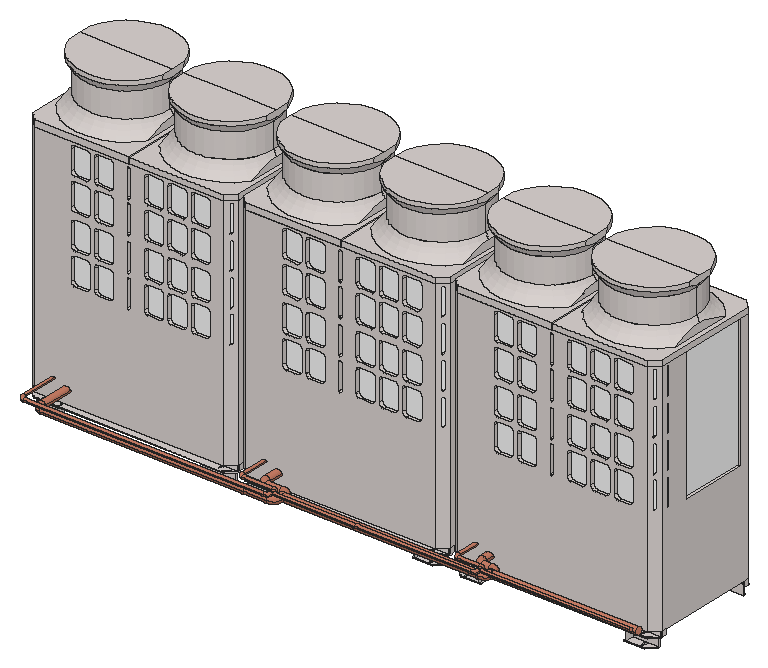
Revit family "PUHY-EP1350YSNW-A", category Mechanical Equipment, Revit 2012
Parameters (values of type "PUHY-EP1350YSNW-A_415V_60Hz")
  Sound Pressure Level (dB(A)) Heating mode = 74.5
  Sound Pressure Level (dB(A)) Cooling mode = 70.5
  Model = "PUHY-EP1350YSNW-A"
  Width = 3780 mm
  WarrantyStart = ""
  Voltage = 415 V
  Unit Weight (kg) = 915
  URL = "http://www.mitsubishielectric.com/"
  Temp. range of heating (Outdoor temp.) (W.B.) = "-20.0 to 15.5"
  Temp. range of heating (Indoor temp.) (D.B.) = "15.0 to 27.0"
  TagNumber = 0
  Subcategory = "HVAC"
  Space View = yes
  SerialNumber = 0
  ReplacementYear = ""
  Refrigerant type = "R410A"
  Refrigerant Charge (kg) = 32.4
  Protection Devices_Inverter circuit (COMP./FAN) = "Over-heat protection, Over-current protection"
  Protection Devices_High pressure (MPa) = "High pressure sensor, High pressure switch at 4.15"
  Phase = 3
  Manufacturer = "Mitsubishi Electric Corporation"
  Outdoor unit 3 = PUHY-EP450YNW-A : PUHY-EP450YNW-A
  Outdoor unit 2 = PUHY-EP450YNW-A : PUHY-EP450YNW-A
  Outdoor unit 1 = PUHY-EP450YNW-A : PUHY-EP450YNW-A
  Note_1 = "Refrigerant pipe diameters may change depending on the installation condition. Please refer to the installation manual."
  Maximum Circuit Ampacity (A) = 101.1
  Liquid pipe_radius = 9.525 mm
  InstallationDate = ""
  Indoor Unit Total Capacity = "50 to 130% of outdoor unit capacity"
  Indoor Unit Model/Quantity = "P15 to P250/3 to 50"
  Hertz = 60 Hz
  Height = 1858 mm
  Heating Power Input (kW) = 40.24
  Heating Current (A) = 62.2
  Heating Capacity (kW) = 168
  Heating COP (kW/kW) = 4.17
  Gas pipe_radius = 20.64 mm
  Fan_Type = "Propeller Fan"
  Fan_Quantity = 6
  Fan Motor Output (kW) = 2.76
  External static pressure (Pa) = 0
  External Finish = "Pre-coated galvanized steel sheets (+powder coating for -BS type) <MUNSELL 5Y 8/1 or similar>"
  Equip_description = ""
  Equip_No. = 0
  Equip_ID = ""
  Description = ""
  Depth = 740 mm
  CreatedOn = ""
  CreatedBy = ""
  Cooling Power Input (kW) = 34.3
  Cooling EER (kW/kW) = 4.37
  Cooling Current (A) = 53
  Cooling Capacity (kW) = 150
  Compressor_Type = "Inverter scroll hermetic compressor"
  Compressor_Quantity = 3
  Compressor_Lubricant = "MEL32"
  Compressor Motor Output (kW) = 37.2
  Category = ""
  Barcode = ""
  AssetIdentifier = ""
  Airflow Rate (m3/min) = 915
  Airflow Rate (m3/h) = 54900
Reference planes
  plane 1 "Center (Front/Back)": y = 0
  plane 2: z = 0
  plane 3 "Center (Left/Right)": x = 0
  plane 4: y = 370
  plane 5 "front": y = -370
  plane 6: x = -1890
  plane 7: x = 1890
  plane 8: x = -620
  plane 9: x = 620
  plane 10: x = -650
  plane 11: x = 650
  plane 12: y = 370
  plane 13: y = -370
  plane 14: z = 1858
  plane 15: x = -1647
  plane 16: x = -1730.603
  plane 17: x = -377
  plane 18: x = -460
  plane 19: x = 893
  plane 20: x = 810
Forms (mm)
  Sweep 1, solid, material "Copper"
    path origin (-51.563, 17.925, 207.255) x (0, -1, 0) y (1, 0, 0)
      loop
        line (380, -1679.039) -> (605, -1679.039)
        arc (605, -1679.039) -> (626.213, -1670.253) -> (635, -1649.039) r 30
        line (635, -1649.039) -> (635, -208.337)
        arc (635, -208.337) -> (629.142, -194.195) -> (615, -188.337) r 20
        line (615, -188.337) -> (590, -188.337)
        arc (590, -188.337) -> (575.858, -194.195) -> (570, -208.337) r 20
        line (570, -208.337) -> (570, -388.437)
        arc (570, -388.437) -> (564.142, -402.579) -> (550, -408.437) r 20
        line (550, -408.437) -> (380, -408.437)
    profile origin (-1730.603, -474.575, 207.255) x (1, 0, 0) y (0, 0, 1)
      loop
        circle (0, 0) r 9.525
  Sweep 2, solid, material "Copper"
    path origin (-48.859, 17.925, 173.255) x (-1, 0, 0) y (0, -1, 0)
      loop
        line (1598.141, 380) -> (1598.141, 575)
        arc (1598.141, 575) -> (1587.889, 599.749) -> (1563.141, 610) r 35
        line (1563.141, 610) -> (342, 610) -> (204.723, 610)
        arc (204.723, 610) -> (179.974, 599.749) -> (169.723, 575) r 35
        line (169.723, 575) -> (169.723, 545)
        arc (169.723, 545) -> (179.974, 520.251) -> (204.723, 510) r 35
        line (204.723, 510) -> (293.141, 510)
        arc (293.141, 510) -> (317.889, 499.749) -> (328.141, 475) r 35
        line (328.141, 475) -> (328.141, 380)
    profile origin (-1647, -459.575, 173.255) x (1, 0, 0) y (0, 0, 1)
      loop
        circle (0, 0) r 20.64
  Sweep 3, solid, material "Copper"
    path origin (214.685, 17.925, 207.255) x (0, -1, 0) y (1, 0, 0)
      loop
        line (605, -448.702) -> (605, 51.298) -> (605, 745.315)
        arc (605, 745.315) -> (599.142, 759.457) -> (585, 765.315) r 20
        line (585, 765.315) -> (560.96, 765.315)
        arc (560.96, 765.315) -> (546.818, 759.457) -> (540.96, 745.315) r 20
        line (540.96, 745.315) -> (540.96, 615.315)
        arc (540.96, 615.315) -> (535.102, 601.172) -> (520.96, 595.315) r 20
        line (520.96, 595.315) -> (380, 595.315)
    profile origin (15.984, -587.075, 207.255) x (0, 1, 0) y (0, 0, 1)
      loop
        circle (0, 0) r 9.525
  Sweep 4, solid, material "Copper"
    path origin (188.125, 17.925, 173.255) x (-1, 0, 0) y (0, -1, 0)
      loop
        line (395.125, 555.96) -> (-784.875, 555.96)
        arc (-784.875, 555.96) -> (-809.623, 545.709) -> (-819.875, 520.96) r 35
        line (-819.875, 520.96) -> (-819.875, 510)
        arc (-819.875, 510) -> (-809.623, 485.251) -> (-784.875, 475) r 35
        line (-784.875, 475) -> (-739.875, 475)
        arc (-739.875, 475) -> (-715.126, 464.749) -> (-704.875, 440) r 35
        line (-704.875, 440) -> (-704.875, 380)
    profile origin (383, -538.035, 173.255) x (0, 1, 0) y (0, 0, 1)
      loop
        circle (0, 0) r 20.64
  Sweep 5, solid, material "Copper"
    path origin (114.685, 17.925, 207.255) x (0, -1, 0) y (1, 0, 0)
      loop
        line (572.806, 870.315) -> (572.806, 1775.315)
    profile origin (1437.5, -554.881, 207.255) x (0, 1, 0) y (0, 0, 1)
      loop
        circle (0, 0) r 9.525
  Sweep 6, solid, material "Copper"
    path origin (88.125, 17.925, 173.255) x (-1, 0, 0) y (0, -1, 0)
      loop
        line (-921.875, 515.995) -> (-1801.875, 515.995)
    profile origin (1450, -498.07, 173.255) x (0, 1, 0) y (0, 0, 1)
      loop
        circle (0, 0) r 20.64
Dimensions and locks
  nested 2 to nested 1 = 30 mm
  nested 1 to nested 1 = 1240 mm
  nested 2 to nested 2 = 1240 mm
  plane 6 to plane 3 "Center (Left/Right)" to plane 7 = 1890 mm, 1890 mm
  "Liquid pipe_radius": radius of Sweep 5 sketch curve
  "Gas pipe_radius": radius of Sweep 6 sketch curve
  aligned and locked: level to plane 2
Automatic sketch dimensions
  Sweep 1 sketch curve to plane 5 "front" = 7.925 mm  (x2)
  plane 5 "front" to Sweep 1 sketch curve = 162.075 mm
  Sweep 1 sketch curve to plane 3 "Center (Left/Right)" = 259.9 mm
  Sweep 1 sketch curve to Sweep 1 sketch curve = 20 mm
  Sweep 1 sketch curve to plane 3 "Center (Left/Right)" = 239.9 mm
  plane 5 "front" to Sweep 1 sketch curve = 217.075 mm
  Sweep 1 sketch curve to Sweep 1 sketch curve = 25 mm
  Sweep 1 sketch curve to Sweep 1 sketch curve = 30 mm
  Sweep 1 sketch curve to plane 3 "Center (Left/Right)" = 440 mm
  profile plane to Sweep 1 sketch curve = 0 mm
  Sweep 1 sketch curve to profile plane = 0 mm
  Sweep 2 sketch curve to plane 3 "Center (Left/Right)" = 218.582 mm
  Sweep 2 sketch curve to plane 3 "Center (Left/Right)" = 253.582 mm  (x2)
  Sweep 2 sketch curve to plane 3 "Center (Left/Right)" = 342 mm
  Sweep 2 sketch curve to plane 3 "Center (Left/Right)" = 390.859 mm
  Sweep 2 sketch curve to Sweep 2 sketch curve = 35 mm  (x2)
  plane 5 "front" to Sweep 2 sketch curve = 222.075 mm
  Sweep 2 sketch curve to Sweep 2 sketch curve = 30 mm
  Sweep 2 sketch curve to plane 5 "front" = 7.925 mm  (x2)
  profile plane to Sweep 2 sketch curve = 0 mm
  Sweep 2 sketch curve to profile plane = 0 mm
  Sweep 3 sketch curve to profile plane = 0 mm  (x2)
  Sweep 4 sketch curve to profile plane = 0 mm  (x2)
  Sweep 5 sketch curve to profile plane = 0 mm  (x2)
  Sweep 6 sketch curve to profile plane = 0 mm  (x2)
  Sweep 1 sketch curve to Sweep 1 sketch curve = 1240.603 mm
  Sweep 2 sketch curve to Sweep 2 sketch curve = 1235 mm
  Sweep 3 sketch curve to plane 20 = 0 mm
  Sweep 3 sketch curve to plane 5 "front" = 7.925 mm
  plane 20 to Sweep 3 sketch curve = 20 mm
  plane 5 "front" to Sweep 3 sketch curve = 133.035 mm
  Sweep 3 sketch curve to Sweep 3 sketch curve = 20 mm
  Sweep 3 sketch curve to Sweep 3 sketch curve = 24.04 mm
  plane 5 "front" to Sweep 3 sketch curve = 217.075 mm
  plane 3 "Center (Left/Right)" to Sweep 3 sketch curve = 265.984 mm
  plane 17 to Sweep 3 sketch curve = 142.984 mm
  plane 19 to Sweep 3 sketch curve = 67 mm
  Sweep 4 sketch curve to plane 19 = 0 mm
  plane 19 to Sweep 4 sketch curve = 35 mm
  Sweep 4 sketch curve to Sweep 4 sketch curve = 45 mm
  Sweep 4 sketch curve to Sweep 4 sketch curve = 0 mm
  Sweep 4 sketch curve to Sweep 4 sketch curve = 35 mm
  plane 17 to Sweep 4 sketch curve = 170 mm
  Sweep 4 sketch curve to plane 5 "front" = 7.925 mm
  plane 5 "front" to Sweep 4 sketch curve = 52.075 mm
  Sweep 4 sketch curve to Sweep 4 sketch curve = 10.96 mm
  Sweep 6 sketch curve to plane 7 = 0 mm
  plane 19 to Sweep 6 sketch curve = 117 mm
  plane 5 "front" to Sweep 6 sketch curve = 128.07 mm
  Sweep 5 sketch curve to plane 7 = 0 mm
  plane 5 "front" to Sweep 5 sketch curve = 184.881 mm
  plane 19 to Sweep 5 sketch curve = 92 mm
  radius of Sweep 1 sketch curve = 9.525 mm
  radius of Sweep 2 sketch curve = 20.64 mm
  radius of Sweep 3 sketch curve = 9.525 mm
  radius of Sweep 4 sketch curve = 20.64 mm
Nested families
  nested 1: "PUHY-EP450YNW-A" at (0, 0, 0), type <- "Outdoor unit 2", type "PUHY-EP450YNW-A"
  nested 2: "PUHY-EP450YNW-A" at (-1270, 0, 0), type <- "Outdoor unit 1", type "PUHY-EP450YNW-A"
  nested 3: "PUHY-EP450YNW-A" at (1270, 0, 0), type <- "Outdoor unit 3", type "PUHY-EP450YNW-A"
Connectors
  piping at (1890, -498.07, 173.255), driven by "Gas pipe_radius"
    settings: on Sweep 6, index 1, connector radius 20.64 mm, flow factor 0, pipe flow 0.0 L/s, pressure drop 0.0 Pa, fitting loss kfactor 0, connector angle 0.00°, fixture units 0, engagement length 0 mm, flow configuration 0, flow direction 0, fitting loss method 0, system type 22, joint type 0, gender type 0, connector reference index -1, connector utility 0, adjustable connector no, is connector primary yes, fitting loss table "", connector description "Indoor unit-Twinning pipe(Gas)"
  piping at (1890, -554.881, 207.255), driven by "Liquid pipe_radius"
    settings: on Sweep 5, index 2, connector radius 9.525 mm, flow factor 0, pipe flow 0.0 L/s, pressure drop 0.0 Pa, fitting loss kfactor 0, connector angle 0.00°, fixture units 0, engagement length 0 mm, flow configuration 0, flow direction 0, fitting loss method 0, system type 22, joint type 0, gender type 0, connector reference index -1, connector utility 0, adjustable connector no, is connector primary no, fitting loss table "", connector description "Indoor unit-Twinning pipe(Liquid)"
  electrical at (992, -370, 279), driven by "Phase", driven by "Voltage"
    settings: index 3, voltage 415 V, apparent load 0 VA, apparent load phase1 0 VA, apparent load phase2 0 VA, apparent load phase3 0 VA, power factor 1, load classification "その他", number of poles 3, system type 30, power factor state 1, is connector primary yes, connector utility no, sub classification motor no, connector description ""
  electrical at (-258, -370, 279), driven by "Phase", driven by "Voltage"
    settings: index 4, voltage 415 V, apparent load 0 VA, apparent load phase1 0 VA, apparent load phase2 0 VA, apparent load phase3 0 VA, power factor 1, load classification "その他", number of poles 3, system type 30, power factor state 1, is connector primary no, connector utility no, sub classification motor no, connector description ""
  electrical at (-1508, -370, 279), driven by "Phase", driven by "Voltage"
    settings: index 5, voltage 415 V, apparent load 0 VA, apparent load phase1 0 VA, apparent load phase2 0 VA, apparent load phase3 0 VA, power factor 1, load classification "その他", number of poles 3, system type 30, power factor state 1, is connector primary no, connector utility no, sub classification motor no, connector description ""
Definition of nested family "PUHY-EP450YNW-A"
  Parameters (values of type "PUHY-P450YNW-A")
    Model = "PUHY-P400YNW-A"
    URL = "http://www.mitsubishielectric.com/"
    Manufacturer = "Mitsubishi Electric Corporation"
    Liquid pipe_radius = 12.7 mm
    Gas pipe_radius = 14.29 mm
  Reference planes
    plane 1 "Center (Front/Back)": y = 0
    plane 2: z = 0
    plane 3 "Center (Left/Right)": x = 0
    plane 4: y = 370
    plane 5: z = 1858
    plane 6: y = -260
    plane 7: y = -204
    plane 8: y = -185
    plane 9: x = -620
    plane 10: x = 620
    plane 11: x = -620
    plane 12: z = 716
    plane 13: x = -524
    plane 14: z = 669
    plane 15: x = -50.5
    plane 16: x = 51
    plane 17: x = 489
    plane 18: x = 467
    plane 19 "132": x = 488
    plane 20 "100": z = 160
    plane 21: z = 185
    plane 22: x = 413
    plane 23: x = 364
    plane 24: z = 150
    plane 25: x = -287.25
    plane 26: x = -137.25
    plane 27: x = -272.25
    plane 28: y = -278
    plane 29: z = 1509
    plane 30: y = -370
    plane 31: x = -530
    plane 32: x = 530
    plane 33 "179": y = -191
  Forms (mm)
    Extrusion 1, solid, material "Paint_5Y 8/1"
      sketch origin (-1, 0, 113) x (-1, 0, 0) y (0, -1, 0)
        loop
          line (569, -370) -> (619, -320) -> (619, 320) -> (569, 370) -> (-571, 370) -> (-621, 320) -> (-621, -320) -> (-571, -370) -> (569, -370)
      from -18 to 1408
    Extrusion 2, void
      sketch origin (524, -370, 113) x (1, 0, 0) y (0, 0, -1)
        loop
          arc (-60.8, -1393.5) -> (-42.557, -1385.943) -> (-35, -1367.7) r 25.8
          line (-35, -1367.7) -> (-35, -1248.5)
          arc (-35, -1248.5) -> (-42.557, -1230.257) -> (-60.8, -1222.7) r 25.8
          line (-60.8, -1222.7) -> (-126, -1222.7)
          arc (-126, -1222.7) -> (-144.243, -1230.257) -> (-151.8, -1248.5) r 25.8
          line (-151.8, -1248.5) -> (-151.8, -1367.7)
          arc (-151.8, -1367.7) -> (-144.243, -1385.943) -> (-126, -1393.5) r 25.8
          line (-126, -1393.5) -> (-60.8, -1393.5)
      from 0 to 20
    Extrusion 3, void
      sketch origin (524, -370, -81) x (1, 0, 0) y (0, 0, -1)
        loop
          arc (-60.8, -1393.5) -> (-42.557, -1385.943) -> (-35, -1367.7) r 25.8
          line (-35, -1367.7) -> (-35, -1248.5)
          arc (-35, -1248.5) -> (-42.557, -1230.257) -> (-60.8, -1222.7) r 25.8
          line (-60.8, -1222.7) -> (-126, -1222.7)
          arc (-126, -1222.7) -> (-144.243, -1230.257) -> (-151.8, -1248.5) r 25.8
          line (-151.8, -1248.5) -> (-151.8, -1367.7)
          arc (-151.8, -1367.7) -> (-144.243, -1385.943) -> (-126, -1393.5) r 25.8
          line (-126, -1393.5) -> (-60.8, -1393.5)
      from 0 to 20
    Extrusion 4, void
      sketch origin (524, -370, -287) x (1, 0, 0) y (0, 0, -1)
        loop
          arc (-60.8, -1393.5) -> (-42.557, -1385.943) -> (-35, -1367.7) r 25.8
          line (-35, -1367.7) -> (-35, -1248.5)
          arc (-35, -1248.5) -> (-42.557, -1230.257) -> (-60.8, -1222.7) r 25.8
          line (-60.8, -1222.7) -> (-126, -1222.7)
          arc (-126, -1222.7) -> (-144.243, -1230.257) -> (-151.8, -1248.5) r 25.8
          line (-151.8, -1248.5) -> (-151.8, -1367.7)
          arc (-151.8, -1367.7) -> (-144.243, -1385.943) -> (-126, -1393.5) r 25.8
          line (-126, -1393.5) -> (-60.8, -1393.5)
      from 0 to 20
    Extrusion 5, void
      sketch origin (524, -370, -481) x (1, 0, 0) y (0, 0, -1)
        loop
          arc (-60.8, -1393.5) -> (-42.557, -1385.943) -> (-35, -1367.7) r 25.8
          line (-35, -1367.7) -> (-35, -1248.5)
          arc (-35, -1248.5) -> (-42.557, -1230.257) -> (-60.8, -1222.7) r 25.8
          line (-60.8, -1222.7) -> (-126, -1222.7)
          arc (-126, -1222.7) -> (-144.243, -1230.257) -> (-151.8, -1248.5) r 25.8
          line (-151.8, -1248.5) -> (-151.8, -1367.7)
          arc (-151.8, -1367.7) -> (-144.243, -1385.943) -> (-126, -1393.5) r 25.8
          line (-126, -1393.5) -> (-60.8, -1393.5)
      from 0 to 20
    Extrusion 6, void
      sketch origin (384, -370, 113) x (1, 0, 0) y (0, 0, -1)
        loop
          arc (-60.8, -1393.5) -> (-42.557, -1385.943) -> (-35, -1367.7) r 25.8
          line (-35, -1367.7) -> (-35, -1248.5)
          arc (-35, -1248.5) -> (-42.557, -1230.257) -> (-60.8, -1222.7) r 25.8
          line (-60.8, -1222.7) -> (-126, -1222.7)
          arc (-126, -1222.7) -> (-144.243, -1230.257) -> (-151.8, -1248.5) r 25.8
          line (-151.8, -1248.5) -> (-151.8, -1367.7)
          arc (-151.8, -1367.7) -> (-144.243, -1385.943) -> (-126, -1393.5) r 25.8
          line (-126, -1393.5) -> (-60.8, -1393.5)
      from 0 to 20
    Extrusion 7, void
      sketch origin (384, -370, -81) x (1, 0, 0) y (0, 0, -1)
        loop
          arc (-60.8, -1393.5) -> (-42.557, -1385.943) -> (-35, -1367.7) r 25.8
          line (-35, -1367.7) -> (-35, -1248.5)
          arc (-35, -1248.5) -> (-42.557, -1230.257) -> (-60.8, -1222.7) r 25.8
          line (-60.8, -1222.7) -> (-126, -1222.7)
          arc (-126, -1222.7) -> (-144.243, -1230.257) -> (-151.8, -1248.5) r 25.8
          line (-151.8, -1248.5) -> (-151.8, -1367.7)
          arc (-151.8, -1367.7) -> (-144.243, -1385.943) -> (-126, -1393.5) r 25.8
          line (-126, -1393.5) -> (-60.8, -1393.5)
      from 0 to 20
    Extrusion 8, void
      sketch origin (384, -370, -287) x (1, 0, 0) y (0, 0, -1)
        loop
          arc (-60.8, -1393.5) -> (-42.557, -1385.943) -> (-35, -1367.7) r 25.8
          line (-35, -1367.7) -> (-35, -1248.5)
          arc (-35, -1248.5) -> (-42.557, -1230.257) -> (-60.8, -1222.7) r 25.8
          line (-60.8, -1222.7) -> (-126, -1222.7)
          arc (-126, -1222.7) -> (-144.243, -1230.257) -> (-151.8, -1248.5) r 25.8
          line (-151.8, -1248.5) -> (-151.8, -1367.7)
          arc (-151.8, -1367.7) -> (-144.243, -1385.943) -> (-126, -1393.5) r 25.8
          line (-126, -1393.5) -> (-60.8, -1393.5)
      from 0 to 20
    Extrusion 9, void
      sketch origin (384, -370, -481) x (1, 0, 0) y (0, 0, -1)
        loop
          arc (-60.8, -1393.5) -> (-42.557, -1385.943) -> (-35, -1367.7) r 25.8
          line (-35, -1367.7) -> (-35, -1248.5)
          arc (-35, -1248.5) -> (-42.557, -1230.257) -> (-60.8, -1222.7) r 25.8
          line (-60.8, -1222.7) -> (-126, -1222.7)
          arc (-126, -1222.7) -> (-144.243, -1230.257) -> (-151.8, -1248.5) r 25.8
          line (-151.8, -1248.5) -> (-151.8, -1367.7)
          arc (-151.8, -1367.7) -> (-144.243, -1385.943) -> (-126, -1393.5) r 25.8
          line (-126, -1393.5) -> (-60.8, -1393.5)
      from 0 to 20
    Extrusion 10, void
      sketch origin (244, -370, 113) x (1, 0, 0) y (0, 0, -1)
        loop
          arc (-60.8, -1393.5) -> (-42.557, -1385.943) -> (-35, -1367.7) r 25.8
          line (-35, -1367.7) -> (-35, -1248.5)
          arc (-35, -1248.5) -> (-42.557, -1230.257) -> (-60.8, -1222.7) r 25.8
          line (-60.8, -1222.7) -> (-126, -1222.7)
          arc (-126, -1222.7) -> (-144.243, -1230.257) -> (-151.8, -1248.5) r 25.8
          line (-151.8, -1248.5) -> (-151.8, -1367.7)
          arc (-151.8, -1367.7) -> (-144.243, -1385.943) -> (-126, -1393.5) r 25.8
          line (-126, -1393.5) -> (-60.8, -1393.5)
      from 0 to 20
    Extrusion 11, void
      sketch origin (244, -370, -81) x (1, 0, 0) y (0, 0, -1)
        loop
          arc (-60.8, -1393.5) -> (-42.557, -1385.943) -> (-35, -1367.7) r 25.8
          line (-35, -1367.7) -> (-35, -1248.5)
          arc (-35, -1248.5) -> (-42.557, -1230.257) -> (-60.8, -1222.7) r 25.8
          line (-60.8, -1222.7) -> (-126, -1222.7)
          arc (-126, -1222.7) -> (-144.243, -1230.257) -> (-151.8, -1248.5) r 25.8
          line (-151.8, -1248.5) -> (-151.8, -1367.7)
          arc (-151.8, -1367.7) -> (-144.243, -1385.943) -> (-126, -1393.5) r 25.8
          line (-126, -1393.5) -> (-60.8, -1393.5)
      from 0 to 20
    Extrusion 12, void
      sketch origin (244, -370, -287) x (1, 0, 0) y (0, 0, -1)
        loop
          arc (-60.8, -1393.5) -> (-42.557, -1385.943) -> (-35, -1367.7) r 25.8
          line (-35, -1367.7) -> (-35, -1248.5)
          arc (-35, -1248.5) -> (-42.557, -1230.257) -> (-60.8, -1222.7) r 25.8
          line (-60.8, -1222.7) -> (-126, -1222.7)
          arc (-126, -1222.7) -> (-144.243, -1230.257) -> (-151.8, -1248.5) r 25.8
          line (-151.8, -1248.5) -> (-151.8, -1367.7)
          arc (-151.8, -1367.7) -> (-144.243, -1385.943) -> (-126, -1393.5) r 25.8
          line (-126, -1393.5) -> (-60.8, -1393.5)
      from 0 to 20
    Extrusion 13, void
      sketch origin (244, -370, -481) x (1, 0, 0) y (0, 0, -1)
        loop
          arc (-60.8, -1393.5) -> (-42.557, -1385.943) -> (-35, -1367.7) r 25.8
          line (-35, -1367.7) -> (-35, -1248.5)
          arc (-35, -1248.5) -> (-42.557, -1230.257) -> (-60.8, -1222.7) r 25.8
          line (-60.8, -1222.7) -> (-126, -1222.7)
          arc (-126, -1222.7) -> (-144.243, -1230.257) -> (-151.8, -1248.5) r 25.8
          line (-151.8, -1248.5) -> (-151.8, -1367.7)
          arc (-151.8, -1367.7) -> (-144.243, -1385.943) -> (-126, -1393.5) r 25.8
          line (-126, -1393.5) -> (-60.8, -1393.5)
      from 0 to 20
    Extrusion 14, void
      sketch origin (-56, -370, 113) x (1, 0, 0) y (0, 0, -1)
        loop
          arc (-60.8, -1393.5) -> (-42.557, -1385.943) -> (-35, -1367.7) r 25.8
          line (-35, -1367.7) -> (-35, -1248.5)
          arc (-35, -1248.5) -> (-42.557, -1230.257) -> (-60.8, -1222.7) r 25.8
          line (-60.8, -1222.7) -> (-126, -1222.7)
          arc (-126, -1222.7) -> (-144.243, -1230.257) -> (-151.8, -1248.5) r 25.8
          line (-151.8, -1248.5) -> (-151.8, -1367.7)
          arc (-151.8, -1367.7) -> (-144.243, -1385.943) -> (-126, -1393.5) r 25.8
          line (-126, -1393.5) -> (-60.8, -1393.5)
      from 0 to 20
    Extrusion 15, void
      sketch origin (-56, -370, -81) x (1, 0, 0) y (0, 0, -1)
        loop
          arc (-60.8, -1393.5) -> (-42.557, -1385.943) -> (-35, -1367.7) r 25.8
          line (-35, -1367.7) -> (-35, -1248.5)
          arc (-35, -1248.5) -> (-42.557, -1230.257) -> (-60.8, -1222.7) r 25.8
          line (-60.8, -1222.7) -> (-126, -1222.7)
          arc (-126, -1222.7) -> (-144.243, -1230.257) -> (-151.8, -1248.5) r 25.8
          line (-151.8, -1248.5) -> (-151.8, -1367.7)
          arc (-151.8, -1367.7) -> (-144.243, -1385.943) -> (-126, -1393.5) r 25.8
          line (-126, -1393.5) -> (-60.8, -1393.5)
      from 0 to 20
    Extrusion 16, void
      sketch origin (-56, -370, -287) x (1, 0, 0) y (0, 0, -1)
        loop
          arc (-60.8, -1393.5) -> (-42.557, -1385.943) -> (-35, -1367.7) r 25.8
          line (-35, -1367.7) -> (-35, -1248.5)
          arc (-35, -1248.5) -> (-42.557, -1230.257) -> (-60.8, -1222.7) r 25.8
          line (-60.8, -1222.7) -> (-126, -1222.7)
          arc (-126, -1222.7) -> (-144.243, -1230.257) -> (-151.8, -1248.5) r 25.8
          line (-151.8, -1248.5) -> (-151.8, -1367.7)
          arc (-151.8, -1367.7) -> (-144.243, -1385.943) -> (-126, -1393.5) r 25.8
          line (-126, -1393.5) -> (-60.8, -1393.5)
      from 0 to 20
    Extrusion 17, void
      sketch origin (-56, -370, -481) x (1, 0, 0) y (0, 0, -1)
        loop
          arc (-60.8, -1393.5) -> (-42.557, -1385.943) -> (-35, -1367.7) r 25.8
          line (-35, -1367.7) -> (-35, -1248.5)
          arc (-35, -1248.5) -> (-42.557, -1230.257) -> (-60.8, -1222.7) r 25.8
          line (-60.8, -1222.7) -> (-126, -1222.7)
          arc (-126, -1222.7) -> (-144.243, -1230.257) -> (-151.8, -1248.5) r 25.8
          line (-151.8, -1248.5) -> (-151.8, -1367.7)
          arc (-151.8, -1367.7) -> (-144.243, -1385.943) -> (-126, -1393.5) r 25.8
          line (-126, -1393.5) -> (-60.8, -1393.5)
      from 0 to 20
    Extrusion 18, void
      sketch origin (-196, -370, 113) x (1, 0, 0) y (0, 0, -1)
        loop
          arc (-60.8, -1393.5) -> (-42.557, -1385.943) -> (-35, -1367.7) r 25.8
          line (-35, -1367.7) -> (-35, -1248.5)
          arc (-35, -1248.5) -> (-42.557, -1230.257) -> (-60.8, -1222.7) r 25.8
          line (-60.8, -1222.7) -> (-126, -1222.7)
          arc (-126, -1222.7) -> (-144.243, -1230.257) -> (-151.8, -1248.5) r 25.8
          line (-151.8, -1248.5) -> (-151.8, -1367.7)
          arc (-151.8, -1367.7) -> (-144.243, -1385.943) -> (-126, -1393.5) r 25.8
          line (-126, -1393.5) -> (-60.8, -1393.5)
      from 0 to 20
    Extrusion 19, void
      sketch origin (-196, -370, -81) x (1, 0, 0) y (0, 0, -1)
        loop
          arc (-60.8, -1393.5) -> (-42.557, -1385.943) -> (-35, -1367.7) r 25.8
          line (-35, -1367.7) -> (-35, -1248.5)
          arc (-35, -1248.5) -> (-42.557, -1230.257) -> (-60.8, -1222.7) r 25.8
          line (-60.8, -1222.7) -> (-126, -1222.7)
          arc (-126, -1222.7) -> (-144.243, -1230.257) -> (-151.8, -1248.5) r 25.8
          line (-151.8, -1248.5) -> (-151.8, -1367.7)
          arc (-151.8, -1367.7) -> (-144.243, -1385.943) -> (-126, -1393.5) r 25.8
          line (-126, -1393.5) -> (-60.8, -1393.5)
      from 0 to 20
    Extrusion 20, void
      sketch origin (-196, -370, -287) x (1, 0, 0) y (0, 0, -1)
        loop
          arc (-60.8, -1393.5) -> (-42.557, -1385.943) -> (-35, -1367.7) r 25.8
          line (-35, -1367.7) -> (-35, -1248.5)
          arc (-35, -1248.5) -> (-42.557, -1230.257) -> (-60.8, -1222.7) r 25.8
          line (-60.8, -1222.7) -> (-126, -1222.7)
          arc (-126, -1222.7) -> (-144.243, -1230.257) -> (-151.8, -1248.5) r 25.8
          line (-151.8, -1248.5) -> (-151.8, -1367.7)
          arc (-151.8, -1367.7) -> (-144.243, -1385.943) -> (-126, -1393.5) r 25.8
          line (-126, -1393.5) -> (-60.8, -1393.5)
      from 0 to 20
    Extrusion 21, void
      sketch origin (-196, -370, -481) x (1, 0, 0) y (0, 0, -1)
        loop
          arc (-60.8, -1393.5) -> (-42.557, -1385.943) -> (-35, -1367.7) r 25.8
          line (-35, -1367.7) -> (-35, -1248.5)
          arc (-35, -1248.5) -> (-42.557, -1230.257) -> (-60.8, -1222.7) r 25.8
          line (-60.8, -1222.7) -> (-126, -1222.7)
          arc (-126, -1222.7) -> (-144.243, -1230.257) -> (-151.8, -1248.5) r 25.8
          line (-151.8, -1248.5) -> (-151.8, -1367.7)
          arc (-151.8, -1367.7) -> (-144.243, -1385.943) -> (-126, -1393.5) r 25.8
          line (-126, -1393.5) -> (-60.8, -1393.5)
      from 0 to 20
    Extrusion 22, void
      sketch origin (620, 320, 113) x (0, 1, 0) y (0, 0, -1)
        loop
          line (-462.3, -1408) -> (-50.8, -1408) -> (-50.8, -612) -> (-462.3, -612) -> (-462.3, -1408)
      from 0 to 20
    Extrusion 23, void
      sketch origin (-620, -320, 113) x (0, -1, 0) y (0, 0, -1)
        loop
          line (-535.7, -1408) -> (-207.7, -1408) -> (-207.7, -592) -> (-535.7, -592) -> (-535.7, -1408)
      from 0 to 20
    Extrusion 24, void
      sketch origin (194.892, 370, 113) x (-1, 0, 0) y (0, 0, -1)
        loop
          arc (204.892, -1225.013) -> (194.892, -1215.013) -> (184.892, -1225.013) r 10
          line (184.892, -1225.013) -> (184.892, -1379.987)
          arc (184.892, -1379.987) -> (194.892, -1389.987) -> (204.892, -1379.987) r 10
          line (204.892, -1379.987) -> (204.892, -1225.013)
        loop
          arc (204.892, -1031.013) -> (194.892, -1021.013) -> (184.892, -1031.013) r 10
          line (184.892, -1031.013) -> (184.892, -1185.987)
          arc (184.892, -1185.987) -> (194.892, -1195.987) -> (204.892, -1185.987) r 10
          line (204.892, -1185.987) -> (204.892, -1031.013)
        loop
          arc (204.892, -825.013) -> (194.892, -815.013) -> (184.892, -825.013) r 10
          line (184.892, -825.013) -> (184.892, -979.987)
          arc (184.892, -979.987) -> (194.892, -989.987) -> (204.892, -979.987) r 10
          line (204.892, -979.987) -> (204.892, -825.013)
        loop
          arc (204.892, -631.013) -> (194.892, -621.013) -> (184.892, -631.013) r 10
          line (184.892, -631.013) -> (184.892, -785.987)
          arc (184.892, -785.987) -> (194.892, -795.987) -> (204.892, -785.987) r 10
          line (204.892, -785.987) -> (204.892, -631.013)
      from 0 to 20
    Extrusion 25, void
      sketch origin (-570, 370, 113) x (0.707107, 0.707107, 0) y (0, 0, 1)
        loop
          arc (-45.355, 1236) -> (-35.355, 1226) -> (-25.355, 1236) r 10
          line (-25.355, 1236) -> (-25.355, 1386)
          arc (-25.355, 1386) -> (-35.355, 1396) -> (-45.355, 1386) r 10
          line (-45.355, 1386) -> (-45.355, 1236)
        loop
          arc (-45.355, 1036) -> (-35.355, 1026) -> (-25.355, 1036) r 10
          line (-25.355, 1036) -> (-25.355, 1186)
          arc (-25.355, 1186) -> (-35.355, 1196) -> (-45.355, 1186) r 10
          line (-45.355, 1186) -> (-45.355, 1036)
        loop
          arc (-45.355, 836) -> (-35.355, 826) -> (-25.355, 836) r 10
          line (-25.355, 836) -> (-25.355, 986)
          arc (-25.355, 986) -> (-35.355, 996) -> (-45.355, 986) r 10
          line (-45.355, 986) -> (-45.355, 836)
        loop
          arc (-45.355, 641) -> (-35.355, 631) -> (-25.355, 641) r 10
          line (-25.355, 641) -> (-25.355, 791)
          arc (-25.355, 791) -> (-35.355, 801) -> (-45.355, 791) r 10
          line (-45.355, 791) -> (-45.355, 641)
      from 0 to 20
    Extrusion 26, void
      sketch origin (-620, -320, 113) x (0, -1, 0) y (0, 0, -1)
        loop
          line (-607.846, -1035.895) -> (-607.846, -1186.105)
          arc (-607.846, -1186.105) -> (-597.846, -1196.105) -> (-587.846, -1186.105) r 10
          line (-587.846, -1186.105) -> (-587.846, -1035.895)
          arc (-587.846, -1035.895) -> (-597.846, -1025.895) -> (-607.846, -1035.895) r 10
        loop
          line (-607.846, -835.895) -> (-607.846, -986.105)
          arc (-607.846, -986.105) -> (-597.846, -996.105) -> (-587.846, -986.105) r 10
          line (-587.846, -986.105) -> (-587.846, -835.895)
          arc (-587.846, -835.895) -> (-597.846, -825.895) -> (-607.846, -835.895) r 10
        loop
          line (-607.846, -1235.895) -> (-607.846, -1386.105)
          arc (-607.846, -1386.105) -> (-597.846, -1396.105) -> (-587.846, -1386.105) r 10
          line (-587.846, -1386.105) -> (-587.846, -1235.895)
          arc (-587.846, -1235.895) -> (-597.846, -1225.895) -> (-607.846, -1235.895) r 10
        loop
          line (-607.846, -635.895) -> (-607.846, -786.105)
          arc (-607.846, -786.105) -> (-597.846, -796.105) -> (-587.846, -786.105) r 10
          line (-587.846, -786.105) -> (-587.846, -635.895)
          arc (-587.846, -635.895) -> (-597.846, -625.895) -> (-607.846, -635.895) r 10
      from 0 to 20
    Extrusion 27, void
      sketch origin (1079, -370, 113) x (1, 0, 0) y (0, 0, -1)
        loop
          arc (-1089, -1379.975) -> (-1079, -1389.975) -> (-1069, -1379.975) r 10
          line (-1069, -1379.975) -> (-1069, -1225)
          arc (-1069, -1225) -> (-1079, -1215) -> (-1089, -1225) r 10
          line (-1089, -1225) -> (-1089, -1379.975)
        loop
          arc (-1089, -1185.975) -> (-1079, -1195.975) -> (-1069, -1185.975) r 10
          line (-1069, -1185.975) -> (-1069, -1031)
          arc (-1069, -1031) -> (-1079, -1021) -> (-1089, -1031) r 10
          line (-1089, -1031) -> (-1089, -1185.975)
        loop
          arc (-1089, -979.975) -> (-1079, -989.975) -> (-1069, -979.975) r 10
          line (-1069, -979.975) -> (-1069, -825)
          arc (-1069, -825) -> (-1079, -815) -> (-1089, -825) r 10
          line (-1089, -825) -> (-1089, -979.975)
        loop
          arc (-1089, -785.975) -> (-1079, -795.975) -> (-1069, -785.975) r 10
          line (-1069, -785.975) -> (-1069, -631)
          arc (-1069, -631) -> (-1079, -621) -> (-1089, -631) r 10
          line (-1089, -631) -> (-1089, -785.975)
      from 0 to 20
    Extrusion 28, void
      sketch origin (-571, 370, 113) x (-1, 0, 0) y (0, 0, -1)
        loop
          line (-519.5, -1408) -> (-48, -1408) -> (-48, -556) -> (-519.5, -556) -> (-519.5, -1408)
      from 0 to 20
    Extrusion 29, void
      sketch origin (-571, 370, 113) x (-1, 0, 0) y (0, 0, -1)
        loop
          line (-1038, -1408) -> (-622, -1408) -> (-622, -556) -> (-1038, -556) -> (-1038, -1408)
      from 0 to 20
    Extrusion 30, void
      sketch origin (620, 320, 113) x (0, 1, 0) y (0, 0, -1)
        loop
          arc (-588, -1035.791) -> (-598, -1025.791) -> (-608, -1035.791) r 10
          line (-608, -1035.791) -> (-608, -1186)
          arc (-608, -1186) -> (-598, -1196) -> (-588, -1186) r 10
          line (-588, -1186) -> (-588, -1035.791)
        loop
          arc (-588, -835.791) -> (-598, -825.791) -> (-608, -835.791) r 10
          line (-608, -835.791) -> (-608, -986)
          arc (-608, -986) -> (-598, -996) -> (-588, -986) r 10
          line (-588, -986) -> (-588, -835.791)
        loop
          arc (-588, -1235.791) -> (-598, -1225.791) -> (-608, -1235.791) r 10
          line (-608, -1235.791) -> (-608, -1386)
          arc (-608, -1386) -> (-598, -1396) -> (-588, -1386) r 10
          line (-588, -1386) -> (-588, -1235.791)
        loop
          arc (-588, -635.791) -> (-598, -625.791) -> (-608, -635.791) r 10
          line (-608, -635.791) -> (-608, -786)
          arc (-608, -786) -> (-598, -796) -> (-588, -786) r 10
          line (-588, -786) -> (-588, -635.791)
      from 0 to 20
    Extrusion 31, void
      sketch origin (1291.751, 351.751, 113) x (0.707107, 0.707107, 0) y (0, 0, -1)
        loop
          line (-995.311, -1236) -> (-995.311, -1386)
          arc (-995.311, -1386) -> (-985.311, -1396) -> (-975.311, -1386) r 10
          line (-975.311, -1386) -> (-975.311, -1236)
          arc (-975.311, -1236) -> (-985.311, -1226) -> (-995.311, -1236) r 10
        loop
          line (-995.311, -1036) -> (-995.311, -1186)
          arc (-995.311, -1186) -> (-985.311, -1196) -> (-975.311, -1186) r 10
          line (-975.311, -1186) -> (-975.311, -1036)
          arc (-975.311, -1036) -> (-985.311, -1026) -> (-995.311, -1036) r 10
        loop
          line (-995.311, -836) -> (-995.311, -986)
          arc (-995.311, -986) -> (-985.311, -996) -> (-975.311, -986) r 10
          line (-975.311, -986) -> (-975.311, -836)
          arc (-975.311, -836) -> (-985.311, -826) -> (-995.311, -836) r 10
        loop
          line (-995.311, -641) -> (-995.311, -791)
          arc (-995.311, -791) -> (-985.311, -801) -> (-975.311, -791) r 10
          line (-975.311, -791) -> (-975.311, -641)
          arc (-975.311, -641) -> (-985.311, -631) -> (-995.311, -641) r 10
      from 0 to 20
    Extrusion 32, void
      sketch origin (0, -191, 0) x (-1, 0, 0) y (0, 0, 1)
        loop
          circle (460, 176) r 6.35
      from 0 to 78.7
    Extrusion 33, void
      sketch origin (0, -191, 0) x (-1, 0, 0) y (0, 0, 1)
        loop
          circle (377, 176) r 14.29
      from 0 to 78.7
  Cuts and joins
    Extrusion 2, Extrusion 3, Extrusion 4, Extrusion 5, Extrusion 6, Extrusion 7, Extrusion 8, Extrusion 9, Extrusion 10, Extrusion 11, Extrusion 12, Extrusion 13, Extrusion 14, Extrusion 15, Extrusion 16, Extrusion 17, Extrusion 18, Extrusion 19, Extrusion 20, Extrusion 21, Extrusion 22, Extrusion 23, Extrusion 24, Extrusion 25, Extrusion 26, Extrusion 27, Extrusion 28, Extrusion 29, Extrusion 30, Extrusion 31, Extrusion 32, Extrusion 33 cuts Extrusion 1
  Lines and regions (mm)
    model lines
      curve 1: line (-351, -291, 95) -> (-481, -291, 95)
      curve 2: line (-342, -206, 95) -> (-342, -282, 95)
      curve 3: line (-481, -197, 95) -> (-351, -197, 95)
      curve 4: line (-492, -280, 95) -> (-492, -208, 95)
      curve 5: arc (-492, -280, 95) -> (-488.778, -287.778, 95) -> (-481, -291, 95) r 11
      curve 6: arc (-351, -291, 95) -> (-344.636, -288.364, 95) -> (-342, -282, 95) r 9
      curve 7: arc (-342, -206, 95) -> (-344.636, -199.636, 95) -> (-351, -197, 95) r 9
      curve 8: arc (-481, -197, 95) -> (-488.778, -200.222, 95) -> (-492, -208, 95) r 11
      curve 9: line (-30, -370, 1521) -> (-30, -370, 95)
      curve 10: line (30, -370, 1521) -> (30, -370, 95)
      curve 11: line (-485, -370, 215) -> (-357, -370, 215)
      curve 12: line (-495, -370, 141) -> (-495, -370, 205)
      curve 13: line (-357, -370, 131) -> (-485, -370, 131)
      curve 14: line (-347, -370, 205) -> (-347, -370, 141)
      curve 15: arc (-485, -370, 215) -> (-492.071, -370, 212.071) -> (-495, -370, 205) r 10
      curve 16: arc (-495, -370, 141) -> (-492.071, -370, 133.929) -> (-485, -370, 131) r 10
      curve 17: arc (-357, -370, 131) -> (-349.929, -370, 133.929) -> (-347, -370, 141) r 10
      curve 18: arc (-347, -370, 205) -> (-349.929, -370, 212.071) -> (-357, -370, 215) r 10
      curve 19: line (-405, -370, 1521) -> (-405, -370, 716)
      curve 20: line (620, -162.3, 1521) -> (620, -162.3, 95)
      curve 21: line (620, 289.2, 1521) -> (620, 289.2, 95)
      curve 22: line (620, -162.3, 705) -> (620, 289.2, 705)
      curve 23: line (620, -162.3, 725) -> (620, 289.2, 725)
      curve 24: line (620, -76.8, 583) -> (620, 203.2, 583)
      curve 25: line (620, 203.2, 563) -> (620, -76.8, 563)
      curve 26: arc (620, -76.8, 583) -> (620, -83.871, 580.071) -> (620, -86.8, 573) r 10
      curve 27: arc (620, -76.8, 563) -> (620, -83.871, 565.929) -> (620, -86.8, 573) r 10
      curve 28: arc (620, 203.2, 583) -> (620, 210.271, 580.071) -> (620, 213.2, 573) r 10
      curve 29: arc (620, 203.2, 563) -> (620, 210.271, 565.929) -> (620, 213.2, 573) r 10
      curve 30: line (620, -76.8, 478) -> (620, 203.2, 478)
      curve 31: line (620, 203.2, 458) -> (620, -76.8, 458)
      curve 32: arc (620, -76.8, 478) -> (620, -83.871, 475.071) -> (620, -86.8, 468) r 10
      curve 33: arc (620, -76.8, 458) -> (620, -83.871, 460.929) -> (620, -86.8, 468) r 10
      curve 34: arc (620, 203.2, 478) -> (620, 210.271, 475.071) -> (620, 213.2, 468) r 10
      curve 35: arc (620, 203.2, 458) -> (620, 210.271, 460.929) -> (620, 213.2, 468) r 10
      curve 36: line (620, -76.8, 373) -> (620, 203.2, 373)
      curve 37: line (620, 203.2, 353) -> (620, -76.8, 353)
      curve 38: arc (620, -76.8, 373) -> (620, -83.871, 370.071) -> (620, -86.8, 363) r 10
      curve 39: arc (620, -76.8, 353) -> (620, -83.871, 355.929) -> (620, -86.8, 363) r 10
      curve 40: arc (620, 203.2, 373) -> (620, 210.271, 370.071) -> (620, 213.2, 363) r 10
      curve 41: arc (620, 203.2, 353) -> (620, 210.271, 355.929) -> (620, 213.2, 363) r 10
      curve 42: line (620, -76.8, 268) -> (620, 203.2, 268)
      curve 43: line (620, 203.2, 248) -> (620, -76.8, 248)
      curve 44: arc (620, -76.8, 268) -> (620, -83.871, 265.071) -> (620, -86.8, 258) r 10
      curve 45: arc (620, -76.8, 248) -> (620, -83.871, 250.929) -> (620, -86.8, 258) r 10
      curve 46: arc (620, 203.2, 268) -> (620, 210.271, 265.071) -> (620, 213.2, 258) r 10
      curve 47: arc (620, 203.2, 248) -> (620, 210.271, 250.929) -> (620, 213.2, 258) r 10
      curve 48: line (-620, -162.3, 1521) -> (-620, -162.3, 95)
      curve 49: line (-620, 235.7, 1521) -> (-620, 235.7, 95)
      curve 50: line (-620, -112.3, 1521) -> (-620, -112.3, 705)
      curve 51: line (-620, 215.7, 1521) -> (-620, 215.7, 705)
      curve 52: line (-620, 235.7, 705) -> (-620, -162.3, 705)
      curve 53: line (-620, 176.7, 268) -> (-620, -103.3, 268)
      curve 54: line (-620, -103.3, 248) -> (-620, 176.7, 248)
      curve 55: arc (-620, 186.7, 258) -> (-620, 183.771, 265.071) -> (-620, 176.7, 268) r 10
      curve 56: arc (-620, 176.7, 248) -> (-620, 183.771, 250.929) -> (-620, 186.7, 258) r 10
      curve 57: arc (-620, -103.3, 268) -> (-620, -110.371, 265.071) -> (-620, -113.3, 258) r 10
      curve 58: arc (-620, -113.3, 258) -> (-620, -110.371, 250.929) -> (-620, -103.3, 248) r 10
      curve 59: line (-620, 176.7, 373) -> (-620, -103.3, 373)
      curve 60: line (-620, -103.3, 353) -> (-620, 176.7, 353)
      curve 61: arc (-620, 186.7, 363) -> (-620, 183.771, 370.071) -> (-620, 176.7, 373) r 10
      curve 62: arc (-620, 176.7, 353) -> (-620, 183.771, 355.929) -> (-620, 186.7, 363) r 10
      curve 63: arc (-620, -103.3, 373) -> (-620, -110.371, 370.071) -> (-620, -113.3, 363) r 10
      curve 64: arc (-620, -113.3, 363) -> (-620, -110.371, 355.929) -> (-620, -103.3, 353) r 10
      curve 65: line (-620, 176.7, 478) -> (-620, -103.3, 478)
      curve 66: line (-620, -103.3, 458) -> (-620, 176.7, 458)
      curve 67: arc (-620, 186.7, 468) -> (-620, 183.771, 475.071) -> (-620, 176.7, 478) r 10
      curve 68: arc (-620, 176.7, 458) -> (-620, 183.771, 460.929) -> (-620, 186.7, 468) r 10
      curve 69: arc (-620, -103.3, 478) -> (-620, -110.371, 475.071) -> (-620, -113.3, 468) r 10
      curve 70: arc (-620, -113.3, 468) -> (-620, -110.371, 460.929) -> (-620, -103.3, 458) r 10
      curve 71: line (-620, 176.7, 583) -> (-620, -103.3, 583)
      curve 72: line (-620, -103.3, 563) -> (-620, 176.7, 563)
      curve 73: arc (-620, 186.7, 573) -> (-620, 183.771, 580.071) -> (-620, 176.7, 583) r 10
      curve 74: arc (-620, 176.7, 563) -> (-620, 183.771, 565.929) -> (-620, 186.7, 573) r 10
      curve 75: arc (-620, -103.3, 583) -> (-620, -110.371, 580.071) -> (-620, -113.3, 573) r 10
      curve 76: arc (-620, -113.3, 573) -> (-620, -110.371, 565.929) -> (-620, -103.3, 563) r 10
      curve 77: line (-544, 370, 1521) -> (-544, 370, 95)
      curve 78: line (489, 370, 649) -> (30, 370, 649)
      curve 79: line (-30.5, 370, 649) -> (-544, 370, 649)
      curve 80: line (-147.25, 370, 584) -> (-427.25, 370, 584)
      curve 81: line (-427.25, 370, 564) -> (-147.25, 370, 564)
      curve 82: arc (-137.25, 370, 574) -> (-140.179, 370, 581.071) -> (-147.25, 370, 584) r 10
      curve 83: arc (-147.25, 370, 564) -> (-140.179, 370, 566.929) -> (-137.25, 370, 574) r 10
      curve 84: arc (-427.25, 370, 584) -> (-434.321, 370, 581.071) -> (-437.25, 370, 574) r 10
      curve 85: arc (-437.25, 370, 574) -> (-434.321, 370, 566.929) -> (-427.25, 370, 564) r 10
      curve 86: circle (448, -185, 1521) r 15 normal (0, 0, 1)
      curve 87: circle (468, -185, 95) r 26 normal (0, 0, 1)
      curve 88: circle (448, -260, 95) r 32.5 normal (0, 0, 1)
      curve 89: circle (404, -204, 95) r 17 normal (0, 0, 1)
      curve 90: line (-550, -370, 1521) -> (-550, -370, 95)
      curve 91: line (-550, -370, 716) -> (-30, -370, 716)
      curve 92: line (550, -370, 95) -> (550, -370, 1521)
      curve 93: line (30, -370, 716) -> (550, -370, 716)
      curve 94: line (-30.5, 370, 1521) -> (-30.5, 370, 95)
      curve 95: line (30, 370, 1521) -> (30, 370, 95)
      curve 96: line (489, 370, 1521) -> (489, 370, 95)
      curve 97: line (467, 370, 669) -> (467, 370, 649)
      curve 98: line (-352, -370, 223) -> (-550, -370, 223)
      curve 99: line (-342, -370, 213) -> (-342, -370, 95)
      curve 100: arc (-342, -370, 213) -> (-344.929, -370, 220.071) -> (-352, -370, 223) r 10
      curve 101: circle (488, -370, 160) r 32.5 normal (0, -1, 0)
      curve 102: circle (488, -370, 160) r 20 normal (0, -1, 0)
      curve 103: circle (364, -370, 150) r 17 normal (0, -1, 0)
      curve 104: circle (413, -370, 185) r 26 normal (0, -1, 0)
      curve 105: circle (413, -370, 185) r 13.5 normal (0, -1, 0)
      curve 106: line (352, -370, 223) -> (550, -370, 223)
      curve 107: line (342, -370, 213) -> (342, -370, 95)
      curve 108: arc (342, -370, 213) -> (344.929, -370, 220.071) -> (352, -370, 223) r 10
      curve 109: line (-147.25, 370, 479) -> (-427.25, 370, 479)
      curve 110: line (-427.25, 370, 459) -> (-147.25, 370, 459)
      curve 111: arc (-137.25, 370, 469) -> (-140.179, 370, 476.071) -> (-147.25, 370, 479) r 10
      curve 112: arc (-147.25, 370, 459) -> (-140.179, 370, 461.929) -> (-137.25, 370, 469) r 10
      curve 113: arc (-427.25, 370, 479) -> (-434.321, 370, 476.071) -> (-437.25, 370, 469) r 10
      curve 114: arc (-437.25, 370, 469) -> (-434.321, 370, 461.929) -> (-427.25, 370, 459) r 10
      curve 115: line (-147.25, 370, 374) -> (-427.25, 370, 374)
      curve 116: line (-427.25, 370, 354) -> (-147.25, 370, 354)
      curve 117: arc (-137.25, 370, 364) -> (-140.179, 370, 371.071) -> (-147.25, 370, 374) r 10
      curve 118: arc (-147.25, 370, 354) -> (-140.179, 370, 356.929) -> (-137.25, 370, 364) r 10
      curve 119: arc (-427.25, 370, 374) -> (-434.321, 370, 371.071) -> (-437.25, 370, 364) r 10
      curve 120: arc (-437.25, 370, 364) -> (-434.321, 370, 356.929) -> (-427.25, 370, 354) r 10
      curve 121: line (-147.25, 370, 269) -> (-427.25, 370, 269)
      curve 122: line (-427.25, 370, 249) -> (-147.25, 370, 249)
      curve 123: arc (-137.25, 370, 259) -> (-140.179, 370, 266.071) -> (-147.25, 370, 269) r 10
      curve 124: arc (-147.25, 370, 249) -> (-140.179, 370, 251.929) -> (-137.25, 370, 259) r 10
      curve 125: arc (-427.25, 370, 269) -> (-434.321, 370, 266.071) -> (-437.25, 370, 259) r 10
      curve 126: arc (-437.25, 370, 259) -> (-434.321, 370, 251.929) -> (-427.25, 370, 249) r 10
      curve 127: line (399.5, 370, 584) -> (119.5, 370, 584)
      curve 128: line (119.5, 370, 564) -> (399.5, 370, 564)
      curve 129: arc (409.5, 370, 574) -> (406.571, 370, 581.071) -> (399.5, 370, 584) r 10
      curve 130: arc (399.5, 370, 564) -> (406.571, 370, 566.929) -> (409.5, 370, 574) r 10
      curve 131: arc (119.5, 370, 584) -> (112.429, 370, 581.071) -> (109.5, 370, 574) r 10
      curve 132: arc (109.5, 370, 574) -> (112.429, 370, 566.929) -> (119.5, 370, 564) r 10
      curve 133: line (399.5, 370, 479) -> (119.5, 370, 479)
      curve 134: line (119.5, 370, 459) -> (399.5, 370, 459)
      curve 135: arc (409.5, 370, 469) -> (406.571, 370, 476.071) -> (399.5, 370, 479) r 10
      curve 136: arc (399.5, 370, 459) -> (406.571, 370, 461.929) -> (409.5, 370, 469) r 10
      curve 137: arc (119.5, 370, 479) -> (112.429, 370, 476.071) -> (109.5, 370, 469) r 10
      curve 138: arc (109.5, 370, 469) -> (112.429, 370, 461.929) -> (119.5, 370, 459) r 10
      curve 139: line (399.5, 370, 374) -> (119.5, 370, 374)
      curve 140: line (119.5, 370, 354) -> (399.5, 370, 354)
      curve 141: arc (409.5, 370, 364) -> (406.571, 370, 371.071) -> (399.5, 370, 374) r 10
      curve 142: arc (399.5, 370, 354) -> (406.571, 370, 356.929) -> (409.5, 370, 364) r 10
      curve 143: arc (119.5, 370, 374) -> (112.429, 370, 371.071) -> (109.5, 370, 364) r 10
      curve 144: arc (109.5, 370, 364) -> (112.429, 370, 356.929) -> (119.5, 370, 354) r 10
      curve 145: line (399.5, 370, 269) -> (119.5, 370, 269)
      curve 146: line (119.5, 370, 249) -> (399.5, 370, 249)
      curve 147: arc (409.5, 370, 259) -> (406.571, 370, 266.071) -> (399.5, 370, 269) r 10
      curve 148: arc (399.5, 370, 249) -> (406.571, 370, 251.929) -> (409.5, 370, 259) r 10
      curve 149: arc (119.5, 370, 269) -> (112.429, 370, 266.071) -> (109.5, 370, 259) r 10
      curve 150: arc (109.5, 370, 259) -> (112.429, 370, 251.929) -> (119.5, 370, 249) r 10
      curve 151: line (399.5, -370, 584) -> (119.5, -370, 584)
      curve 152: line (119.5, -370, 564) -> (399.5, -370, 564)
      curve 153: arc (409.5, -370, 574) -> (406.571, -370, 581.071) -> (399.5, -370, 584) r 10
      curve 154: arc (399.5, -370, 564) -> (406.571, -370, 566.929) -> (409.5, -370, 574) r 10
      curve 155: arc (119.5, -370, 584) -> (112.429, -370, 581.071) -> (109.5, -370, 574) r 10
      curve 156: arc (109.5, -370, 574) -> (112.429, -370, 566.929) -> (119.5, -370, 564) r 10
      curve 157: line (399.5, -370, 479) -> (119.5, -370, 479)
      curve 158: line (119.5, -370, 459) -> (399.5, -370, 459)
      curve 159: arc (409.5, -370, 469) -> (406.571, -370, 476.071) -> (399.5, -370, 479) r 10
      curve 160: arc (399.5, -370, 459) -> (406.571, -370, 461.929) -> (409.5, -370, 469) r 10
      curve 161: arc (119.5, -370, 479) -> (112.429, -370, 476.071) -> (109.5, -370, 469) r 10
      curve 162: arc (109.5, -370, 469) -> (112.429, -370, 461.929) -> (119.5, -370, 459) r 10
      curve 163: line (399.5, -370, 374) -> (119.5, -370, 374)
      curve 164: line (119.5, -370, 354) -> (399.5, -370, 354)
      curve 165: arc (409.5, -370, 364) -> (406.571, -370, 371.071) -> (399.5, -370, 374) r 10
      curve 166: arc (399.5, -370, 354) -> (406.571, -370, 356.929) -> (409.5, -370, 364) r 10
      curve 167: arc (119.5, -370, 374) -> (112.429, -370, 371.071) -> (109.5, -370, 364) r 10
      curve 168: arc (109.5, -370, 364) -> (112.429, -370, 356.929) -> (119.5, -370, 354) r 10
      curve 169: arc (119.5, -370, 269) -> (112.429, -370, 266.071) -> (109.5, -370, 259) r 10
      curve 170: arc (109.5, -370, 259) -> (112.429, -370, 251.929) -> (119.5, -370, 249) r 10
      curve 171: line (-147.25, -370, 584) -> (-427.25, -370, 584)
      curve 172: line (-427.25, -370, 564) -> (-147.25, -370, 564)
      curve 173: arc (-137.25, -370, 574) -> (-140.179, -370, 581.071) -> (-147.25, -370, 584) r 10
      curve 174: arc (-147.25, -370, 564) -> (-140.179, -370, 566.929) -> (-137.25, -370, 574) r 10
      curve 175: arc (-427.25, -370, 584) -> (-434.321, -370, 581.071) -> (-437.25, -370, 574) r 10
      curve 176: arc (-437.25, -370, 574) -> (-434.321, -370, 566.929) -> (-427.25, -370, 564) r 10
      curve 177: line (-147.25, -370, 479) -> (-427.25, -370, 479)
      curve 178: line (-427.25, -370, 459) -> (-147.25, -370, 459)
      curve 179: arc (-137.25, -370, 469) -> (-140.179, -370, 476.071) -> (-147.25, -370, 479) r 10
      curve 180: arc (-147.25, -370, 459) -> (-140.179, -370, 461.929) -> (-137.25, -370, 469) r 10
      curve 181: arc (-427.25, -370, 479) -> (-434.321, -370, 476.071) -> (-437.25, -370, 469) r 10
      curve 182: arc (-437.25, -370, 469) -> (-434.321, -370, 461.929) -> (-427.25, -370, 459) r 10
      curve 183: line (-147.25, -370, 374) -> (-427.25, -370, 374)
      curve 184: line (-427.25, -370, 354) -> (-147.25, -370, 354)
      curve 185: arc (-137.25, -370, 364) -> (-140.179, -370, 371.071) -> (-147.25, -370, 374) r 10
      curve 186: arc (-147.25, -370, 354) -> (-140.179, -370, 356.929) -> (-137.25, -370, 364) r 10
      curve 187: arc (-427.25, -370, 374) -> (-434.321, -370, 371.071) -> (-437.25, -370, 364) r 10
      curve 188: arc (-437.25, -370, 364) -> (-434.321, -370, 356.929) -> (-427.25, -370, 354) r 10
      curve 189: line (-147.25, -370, 269) -> (-262.25, -370, 269)
      curve 190: line (-262.25, -370, 249) -> (-147.25, -370, 249)
      curve 191: arc (-137.25, -370, 259) -> (-140.179, -370, 266.071) -> (-147.25, -370, 269) r 10
      curve 192: arc (-147.25, -370, 249) -> (-140.179, -370, 251.929) -> (-137.25, -370, 259) r 10
      curve 193: arc (-262.25, -370, 269) -> (-269.321, -370, 266.071) -> (-272.25, -370, 259) r 10
      curve 194: arc (-272.25, -370, 259) -> (-269.321, -370, 251.929) -> (-262.25, -370, 249) r 10
      curve 195: line (234.5, -370, 269) -> (119.5, -370, 269)
      curve 196: line (119.5, -370, 249) -> (234.5, -370, 249)
      curve 197: arc (244.5, -370, 259) -> (241.571, -370, 266.071) -> (234.5, -370, 269) r 10
      curve 198: arc (234.5, -370, 249) -> (241.571, -370, 251.929) -> (244.5, -370, 259) r 10
  Dimensions and locks
    nested 2 to nested 2 = 303 mm
    cut or joined group 1 (Extrusion 1, Extrusion 2, Extrusion 3, Extrusion 4, Extrusion 5, Extrusion 6, Extrusion 7, Extrusion 8, Extrusion 9, Extrusion 10, Extrusion 11, Extrusion 12, Extrusion 13, Extrusion 14, Extrusion 15, Extrusion 16, Extrusion 17, Extrusion 18, Extrusion 19, Extrusion 20, Extrusion 21, Extrusion 22, Extrusion 23, Extrusion 24, Extrusion 25, Extrusion 26, Extrusion 27, Extrusion 28, Extrusion 29, Extrusion 30, Extrusion 31, Extrusion 32, Extrusion 33) to cut or joined group 1 = 1240 mm
    Extrusion 2 sketch curve to Extrusion 2 sketch curve = 116.8 mm
    Extrusion 2 sketch curve to Extrusion 2 sketch curve = 170.8 mm
    Extrusion 3 sketch curve to Extrusion 3 sketch curve = 116.8 mm
    Extrusion 3 sketch curve to Extrusion 3 sketch curve = 170.8 mm
    Extrusion 4 sketch curve to Extrusion 4 sketch curve = 116.8 mm
    Extrusion 4 sketch curve to Extrusion 4 sketch curve = 170.8 mm
    Extrusion 5 sketch curve to Extrusion 5 sketch curve = 116.8 mm
    Extrusion 5 sketch curve to Extrusion 5 sketch curve = 170.8 mm
    Extrusion 6 sketch curve to Extrusion 6 sketch curve = 116.8 mm
    Extrusion 6 sketch curve to Extrusion 6 sketch curve = 170.8 mm
    Extrusion 7 sketch curve to Extrusion 7 sketch curve = 116.8 mm
    Extrusion 7 sketch curve to Extrusion 7 sketch curve = 170.8 mm
    Extrusion 8 sketch curve to Extrusion 8 sketch curve = 116.8 mm
    Extrusion 8 sketch curve to Extrusion 8 sketch curve = 170.8 mm
    Extrusion 9 sketch curve to Extrusion 9 sketch curve = 116.8 mm
    Extrusion 9 sketch curve to Extrusion 9 sketch curve = 170.8 mm
    cut or joined group 1 to cut or joined group 1 = 50 mm  (x2)
    Extrusion 10 sketch curve to Extrusion 10 sketch curve = 116.8 mm
    Extrusion 10 sketch curve to Extrusion 10 sketch curve = 170.8 mm
    Extrusion 11 sketch curve to Extrusion 11 sketch curve = 116.8 mm
    Extrusion 11 sketch curve to Extrusion 11 sketch curve = 170.8 mm
    Extrusion 12 sketch curve to Extrusion 12 sketch curve = 116.8 mm
    Extrusion 12 sketch curve to Extrusion 12 sketch curve = 170.8 mm
    Extrusion 13 sketch curve to Extrusion 13 sketch curve = 116.8 mm
    Extrusion 13 sketch curve to Extrusion 13 sketch curve = 170.8 mm
    Extrusion 14 sketch curve to Extrusion 14 sketch curve = 116.8 mm
    Extrusion 14 sketch curve to Extrusion 14 sketch curve = 170.8 mm
    Extrusion 15 sketch curve to Extrusion 15 sketch curve = 116.8 mm
    Extrusion 15 sketch curve to Extrusion 15 sketch curve = 170.8 mm
    Extrusion 16 sketch curve to Extrusion 16 sketch curve = 116.8 mm
    Extrusion 16 sketch curve to Extrusion 16 sketch curve = 170.8 mm
    Extrusion 17 sketch curve to Extrusion 17 sketch curve = 116.8 mm
    Extrusion 17 sketch curve to Extrusion 17 sketch curve = 170.8 mm
    Extrusion 18 sketch curve to Extrusion 18 sketch curve = 116.8 mm
    Extrusion 18 sketch curve to Extrusion 18 sketch curve = 170.8 mm
    Extrusion 19 sketch curve to Extrusion 19 sketch curve = 116.8 mm
    Extrusion 19 sketch curve to Extrusion 19 sketch curve = 170.8 mm
    Extrusion 20 sketch curve to Extrusion 20 sketch curve = 116.8 mm
    Extrusion 20 sketch curve to Extrusion 20 sketch curve = 170.8 mm
    Extrusion 21 sketch curve to Extrusion 21 sketch curve = 116.8 mm
    Extrusion 21 sketch curve to Extrusion 21 sketch curve = 170.8 mm
    plane 3 "Center (Left/Right)" to cut or joined group 1 = 620 mm
